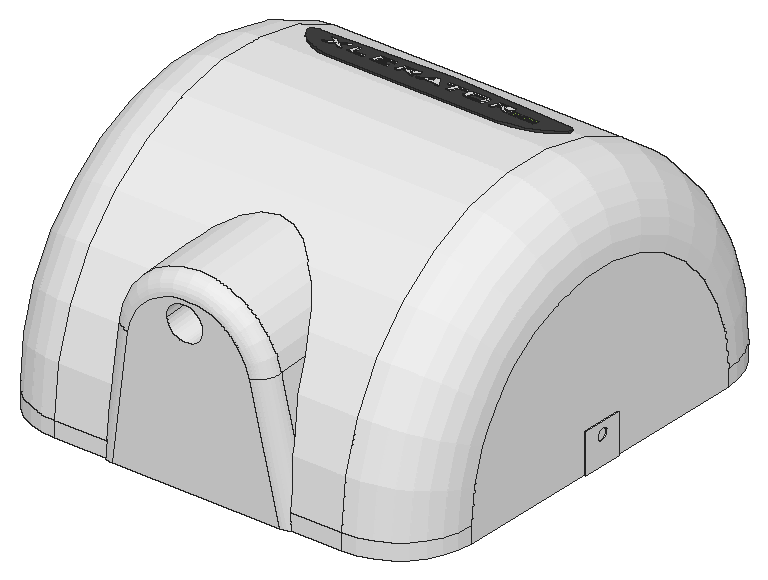
Revit family "Hand_Dryer-Excel_Dryer-XLERATOReco_Unit", category Specialty Equipment, host Face, Revit 2017
Family settings
  Host = Face
  Round Connector Dimension = Use Diameter
  Part Type = Normal
  OmniClass Number = 23.40.20.21.14
  OmniClass Title = Hand and Hair Dryers
  Cut with Voids When Loaded = No
  Shared = No
  Room Calculation Point = No
Parameters (values of type "Not a Type - Load Type Catalog")
  Version = "2017 - v1.0b"  # constant formula
  Mounting Note [instance] = "For correct placement, match Elevation to Mounting Height."  # constant formula
  Width = 0' - 11 15/16"  # constant formula
  Watts = 500 W
  Warranty URL = "https://www.exceldryer.com/wp-content/uploads/2019/12/Excel_Limited_Warranty_XL-ECO.pdf"
  Warranty Duration = "5 Years"  # constant formula
  Voltage = 120 V
  Void Depth = 6' - 7 15/16"
  Void = 0' - 0 1/16"
  URL = "http://www.exceldryer.com/index.php"
  Time Cycle = "Automatic"  # constant formula
  Teenagers Washroom Mounting Height [instance] = yes
  Run-Time Cycle = "Automatic"  # constant formula
  Product Weight = "17lbs"  # constant formula
  Product Page URL = "http://www.exceldryer.com/products_xlerator.php#xleratoreco"
  Product Name = "XLERATOReco Hand Dryer"  # constant formula
  Product Documentation Link = "http://www.exceldryer.com/pdfs/Eco2014TechSheet.pdf"
  Power Factor = 1
  Phase = 1
  Output at Outlet (LFM) = "16000"  # constant formula
  Number of Poles = 1
  Noise Reduction Nozzle Product Documentation Link [instance] = "http://www.exceldryer.com/products_xlerator.php#xlerator_accessories"
  Noise Reduction Nozzle [instance] = yes
  Mounting Height [instance] = if(Teenagers Washroom Mounting Height, 3' 5", if(Men's Washroom Mounting Height, 3' 9", if(Ladies Washroom Mounting Height, 3' 7", if(Handicapped Washroom Mounting Height, 3' 1", if(Children's Washroom Mounting Height, 2' 11", 3' 5")))))  # 3' - 5"
  Motor Note = "2-4.5 Amps"  # constant formula
  Model = "Wall Guard White"
  Men's Washroom Mounting Height [instance] = no
  Material = ""
  Manufacturer Phone Number = "800-255-9235"  # constant formula
  Manufacturer Fax Number = "1-413-525-2853"  # constant formula
  Manufacturer Email = "mailto:sales@exceldryer.com"
  Manufacturer Address = "357 Chestnut St. P. O. Box 365, East Longmeadow, MA 01028"  # constant formula
  Manufacturer = "Excel Dryer"  # constant formula
  Maintenance Schedule = "Once to Twice per Year"  # constant formula
  Ladies Washroom Mounting Height [instance] = no
  Keynote = "10 28 13"
  Installation URL = "http://www.exceldryer.com/pdfs/ExcelEcoToiletAccessories.pdf"
  Installation Phase = "Single"  # constant formula
  Impact Resistant Note = "UL 499"  # constant formula
  Height = 1' - 0 7/8"  # constant formula
  Handicapped Washroom Mounting Height [instance] = no
  HEPA Filter [instance] = yes
  Green Building LEED = "http://www.exceldryer.com/PressKit/Green.php"
  Frequency = 60 Hz
  Expected Lifespan = "15+ Years"  # constant formula
  Dry Time = "10-15 Seconds"  # constant formula
  Description = "XLERATOReco Hand Dryer"  # constant formula
  Depth = 0' - 6 7/8"  # constant formula
  Default Elevation = 3' - 5"
  Cover Material = "Thermoset BMC"
  Cost Savings Analysis = "http://www.exceldryer.com/calculator.php"
  Cost Information = "http://www.exceldryer.com/contact_us.php"
  Copyright = "© 2019 Excel Dryer. All Rights Reserved."  # constant formula
  Children's Washroom Mounting Height [instance] = no
  Cover Finish = Metal - Excel Dryer - Chrome - Polished
  Assembly Code = "C1030200"
  Apparent Load = 500 VA
  Amperage = 0 A
  ADA Compliance = "http://www.exceldryer.com/PDFs/XleratorRecessedKitSpec.pdf"
Reference planes (in)
  plane 1 "Center (Front/Back)": y = 0
  plane 2: z = 0
  plane 3 "Center (Left/Right)": x = 0
  plane 4 "Top": y = 6.4375
  plane 5 "Bottom": y = -6.4375
  plane 6 "Front": z = 6.875
  plane 7 "Back": z = 0
  plane 8: x = -5.96875
  plane 9: x = 5.96875
  plane 10: x = -6.03125
  plane 11: x = 6.03125
  plane 12: z = -3.06852
  plane 13: z = 79.9375
  plane 14: x = -0.03125
  plane 15: x = 0.03125
Forms (in)
  Extrusion 1, solid, material "Metal - Excel Dryer - Chrome - Polished" <- "Cover Finish", detail levels medium+fine
    sketch origin (0.35593, -51.13237, 0) x (0, 0, -1) y (0, 1, 0)
      loop
        line (0, 51.71049) -> (-1.09375, 51.71049) -> (-1.09375, 50.55424) -> (0, 50.55424) -> (0, 51.71049)
      loop
        circle (-0.78125, 51.13237) r 0.16406
    from 5.61282 to 5.67532
  Extrusion 2, solid, material "Metal - Excel Dryer - Chrome - Polished" <- "Cover Finish", detail levels medium+fine
    sketch origin (-0.35593, -51.13237, 0) x (0, 0, -1) y (0, -1, 0)
      loop
        line (0, -51.71049) -> (0, -50.55424) -> (-1.09375, -50.55424) -> (-1.09375, -51.71049) -> (0, -51.71049)
      loop
        circle (-0.78125, -51.13237) r 0.16406
    from 5.61282 to 5.67532
  Extrusion 3, solid, material "Metal - Excel Dryer - Chrome - Polished" <- "Cover Finish"
    sketch origin (0, 0, 0) x (0, 1, 0) y (0, 0, 1)
      loop
        line (-6.4375, 0.4375) -> (-6.4375, 0) -> (6.4375, 0) -> (6.4375, 0.4375)
        arc (6.4375, 0.4375) -> (0, 6.875) -> (-6.4375, 0.4375) r 6.4375
    from -5.96875 to 5.96875
  Extrusion 4, void
    sketch origin (0, 0, 80) x (1, 0, 0) y (0, 0, 1)
      loop
        line (-0.03125, -80) -> (-0.03125, -80.0625) -> (0.03125, -80.0625) -> (0.03125, -80) -> (-0.03125, -80)
    from -6.4375 to 6.4375
  Sweep 5, void
    path in 3D
      loop
        line (-5.96875, -6.4375, 0) -> (-5.96875, -6.4375, 0.4375)
        arc (-5.96875, -6.4375, 0.4375) -> (-5.96875, 0, 6.875) -> (-5.96875, 6.4375, 0.4375) r 6.4375
        line (-5.96875, 6.4375, 0.4375) -> (-5.96875, 6.4375, 0)
    profile origin (-5.96875, -6.4375, 0.21875) x (0, 1, 0) y (-1, 0, 0)
      loop
        line (0, 0) -> (0, -2)
        arc (0, -2) -> (0.58579, -0.58579) -> (2, 0) r 2
        line (2, 0) -> (0, 0)
      loop
        line (0, -11.9375) -> (2, -11.9375)
        arc (2, -11.9375) -> (0.58579, -11.35171) -> (0, -9.9375) r 2
        line (0, -9.9375) -> (0, -11.9375)
  Extrusion 6, solid, material "Metal - Excel Dryer - Chrome - Polished" <- "Cover Finish"
    sketch origin (0, 0.55286, -0.51363) x (1, 0, 0) y (0, -0.069756, 0.997564)
      loop
        line (2.82367, 1) -> (2.17517, 4.67784)
        arc (2.17517, 4.67784) -> (0, 6.50302) -> (-2.17517, 4.67784) r 2.20873
        line (-2.17517, 4.67784) -> (-2.82367, 1) -> (2.82367, 1)
      loop
        circle (-0.07102, 5.38601) r 0.5
    from 0 to 7
  Sweep 7, void
    path in 3D
      loop
        line (2.82367, -6.49985, -0.00436) -> (2.17517, -6.7564, 3.66452)
        arc (2.17517, -6.7564, 3.66452) -> (0, -6.88372, 5.48526) -> (-2.17517, -6.7564, 3.66452) r 2.20873
        line (-2.17517, -6.7564, 3.66452) -> (-2.82367, -6.49985, -0.00436)
    profile ".5" miter : Family1" origin (2.49942, -6.62812, 1.83008) x (-0.984808, 0.012113, -0.173225) y (0, -0.997564, -0.069756)
      loop
        line (0, 0) -> (0, -0.5)
        arc (0, -0.5) -> (0.14645, -0.14645) -> (0.5, 0) r 0.5
        line (0.5, 0) -> (0, 0)
  Extrusion 8, solid, material "Metallic - Paint - Excel Dryer - Flaked Satin - Black - Logo"
    sketch origin (0.04435, -52.11263, 10.34585) x (1, 0, 0) y (0, 0.969716, -0.244235)
      loop
        line (-2.41005, 52.33689) -> (2.32135, 52.33689)
        arc (2.32135, 52.33689) -> (3.04743, 52.62507) -> (3.55748, 53.21676) r 1.63801
        arc (3.55748, 53.21676) -> (3.55055, 53.40442) -> (3.39174, 53.50462) r 0.2012
        arc (3.39174, 53.50462) -> (-0.04435, 53.77107) -> (-3.48045, 53.50462) r 22.28875
        arc (-3.48045, 53.50462) -> (-3.63926, 53.40442) -> (-3.64618, 53.21676) r 0.2012
        arc (-3.64618, 53.21676) -> (-3.13614, 52.62507) -> (-2.41005, 52.33689) r 1.63801
    from 9.50784 to 9.57368
  Extrusion 9, solid, material "Bulk Molding Compound - Excel Dryer - Thermoset Resin - White"
    sketch origin (-0.1875, -1.70588, 0.5354) x (1, 0, 0) y (0, 0.969716, -0.244235)
      loop
        line (-2.67817, 2.04384) -> (-2.8097, 2.04384) -> (-2.60475, 1.8389) -> (-2.78153, 1.66212) -> (-2.65291, 1.66212) -> (-2.51493, 1.8001) -> (-2.37695, 1.66212) -> (-2.23798, 1.66212) -> (-2.4636, 1.85144) -> (-2.27119, 2.04384) -> (-2.39981, 2.04384) -> (-2.53899, 1.90466) -> (-2.67817, 2.04384)
      loop
        line (-2.10337, 2.04384) -> (-2.10337, 1.66212) -> (-1.66081, 1.66212) -> (-1.66081, 1.73959) -> (-1.99906, 1.73959) -> (-1.99906, 2.04384) -> (-2.10337, 2.04384)
      loop
        line (-1.45725, 2.04384) -> (-1.45725, 1.66212) -> (-1.00153, 1.66212) -> (-1.00153, 1.73959) -> (-1.3499, 1.73959) -> (-1.3499, 1.8141) -> (-1.15343, 1.8141) -> (-1.15343, 1.88196) -> (-1.3499, 1.88196) -> (-1.3499, 1.96384) -> (-1.00153, 1.96384) -> (-1.00153, 2.04384) -> (-1.45725, 2.04384)
      loop
        line (-0.78278, 2.04384) -> (-0.78278, 1.66212) -> (-0.68978, 1.66212) -> (-0.68978, 1.80125) -> (-0.59731, 1.80125) -> (-0.39252, 1.65786) -> (-0.27059, 1.65786) -> (-0.44148, 1.80125) -> (-0.34295, 1.80125)
        arc (-0.34295, 1.80125) -> (-0.3086, 1.81548) -> (-0.29437, 1.84984) r 0.04858
        line (-0.29437, 1.84984) -> (-0.29437, 1.99346)
        arc (-0.29437, 1.99346) -> (-0.30913, 2.02909) -> (-0.34475, 2.04384) r 0.05038
        line (-0.34475, 2.04384) -> (-0.78278, 2.04384)
      loop
        line (-0.39652, 1.96384) -> (-0.68978, 1.96384) -> (-0.68978, 1.866) -> (-0.39652, 1.866) -> (-0.39652, 1.96384)
      loop
        line (-0.18281, 1.65786) -> (-0.07154, 1.65786) -> (-0.02179, 1.72892) -> (0.26464, 1.72892) -> (0.33571, 1.65786) -> (0.45339, 1.65786) -> (0.16253, 2.04384) -> (0.08746, 2.04384) -> (-0.18281, 1.65786)
      loop
        line (0.04272, 1.82104) -> (0.20398, 1.82104) -> (0.12039, 1.93197) -> (0.04272, 1.82104)
      loop
        line (0.44913, 2.04384) -> (0.44913, 1.96384) -> (0.64358, 1.96384) -> (0.64358, 1.65786) -> (0.75599, 1.65786) -> (0.75599, 1.96384) -> (0.96258, 1.96384) -> (0.96258, 2.04384) -> (0.44913, 2.04384)
      loop
        line (1.17757, 1.96384) -> (1.17757, 1.72892) -> (1.52494, 1.72892) -> (1.52494, 1.96384) -> (1.17757, 1.96384)
      loop
        arc (1.16952, 2.04384) -> (1.09215, 2.01179) -> (1.0601, 1.93442) r 0.10943
        line (1.0601, 1.93442) -> (1.0601, 1.76426)
        arc (1.0601, 1.76426) -> (1.09126, 1.68902) -> (1.16649, 1.65786) r 0.1064
        line (1.16649, 1.65786) -> (1.55508, 1.65786)
        arc (1.55508, 1.65786) -> (1.60681, 1.67929) -> (1.62823, 1.73102) r 0.07316
        line (1.62823, 1.73102) -> (1.62823, 1.93678)
        arc (1.62823, 1.93678) -> (1.59688, 2.01249) -> (1.52118, 2.04384) r 0.10706
        line (1.52118, 2.04384) -> (1.16952, 2.04384)
      loop
        line (1.82797, 2.04384) -> (1.82797, 1.66212) -> (1.92097, 1.66212) -> (1.92097, 1.80125) -> (2.01343, 1.80125) -> (2.21822, 1.65786) -> (2.34015, 1.65786) -> (2.16926, 1.80125) -> (2.26779, 1.80125)
        arc (2.26779, 1.80125) -> (2.30214, 1.81548) -> (2.31637, 1.84984) r 0.04858
        line (2.31637, 1.84984) -> (2.31637, 1.99346)
        arc (2.31637, 1.99346) -> (2.30162, 2.02909) -> (2.26599, 2.04384) r 0.05038
        line (2.26599, 2.04384) -> (1.82797, 2.04384)
      loop
        line (2.21422, 1.96384) -> (1.92097, 1.96384) -> (1.92097, 1.866) -> (2.21422, 1.866) -> (2.21422, 1.96384)
    from 6.72073 to 6.78955
  Extrusion 10, solid, material "Metallic - Paint - Excel Dryer - Green - Eco Logo"
    sketch origin (2.0625, -3.35577, 0.91425) x (1, 0, 0) y (0, 0.969716, -0.244235)
      loop
        line (0.64002, 3.52419) -> (0.64002, 3.33829) -> (0.81623, 3.33829) -> (0.81623, 3.52419) -> (0.64002, 3.52419)
      loop
        line (0.68357, 3.48555) -> (0.68357, 3.39051) -> (0.76965, 3.39051) -> (0.76965, 3.48555) -> (0.68357, 3.48555)
      loop
        line (0.40565, 3.52419) -> (0.40565, 3.33829) -> (0.58186, 3.33829) -> (0.58186, 3.41565) -> (0.53527, 3.41565) -> (0.53527, 3.37879) -> (0.44919, 3.37879) -> (0.44919, 3.49336) -> (0.53527, 3.49336) -> (0.53527, 3.45738) -> (0.58186, 3.45738) -> (0.58186, 3.52419) -> (0.40565, 3.52419)
      loop
        line (0.15565, 3.52419) -> (0.15565, 3.33829) -> (0.33186, 3.33829) -> (0.33186, 3.37879) -> (0.19919, 3.37879) -> (0.19919, 3.41565) -> (0.33186, 3.41565) -> (0.33186, 3.52419) -> (0.15565, 3.52419)
      loop
        line (0.19919, 3.49336) -> (0.19919, 3.4545) -> (0.28527, 3.4545) -> (0.28527, 3.49336) -> (0.19919, 3.49336)
    from 6.74569 to 6.82514
Cuts and joins
  Extrusion 4 cuts Extrusion 1
  Extrusion 4 cuts Extrusion 2
  Sweep 5 cuts Extrusion 3
  Sweep 7 cuts Extrusion 6
Lines and regions (in)
  sketch lines
    curve 1: line (-5.96875, -6.4375, 0) -> (-5.96875, -6.4375, 0.4375)
    curve 2: arc (-5.96875, 6.4375, 0.4375) -> (-5.96875, 0, 6.875) -> (-5.96875, -6.4375, 0.4375) r 6.4375
    curve 3: line (-5.96875, 6.4375, 0.4375) -> (-5.96875, 6.4375, 0)
    curve 4: line (2.82367, -6.49985, -0.00436) -> (2.17517, -6.7564, 3.66452)
    curve 5: arc (-2.17517, -6.7564, 3.66452) -> (0, -6.88372, 5.48526) -> (2.17517, -6.7564, 3.66452) r 2.20873
    curve 6: line (-2.17517, -6.7564, 3.66452) -> (-2.82367, -6.49985, -0.00436)
Dimensions and locks (in)
  equal spacing: plane 5 "Bottom", plane 1 "Center (Front/Back)", plane 4 "Top"
  "Height": plane 5 "Bottom" to plane 4 "Top"
  equal spacing: plane 8, plane 3 "Center (Left/Right)", plane 9
  "Width": plane 8 to plane 9
  "Depth": plane 6 "Front" to plane 7 "Back"
  plane 2 to plane 7 "Back" = 0' - 0"
  locked: Extrusion 2 sketch curve to plane 7 "Back" at 1.09375
  Extrusion 2 sketch curve to plane 1 "Center (Front/Back)" to Extrusion 2 sketch curve = 0' - 0 37/64" locked, 0' - 0 37/64" locked
  locked: plane 1 "Center (Front/Back)" to Extrusion 2 sketch curve at 0
  locked: Extrusion 2 sketch curve to plane 7 "Back" at 0.78125
  locked: Extrusion 1 sketch curve to plane 7 "Back" at 1.09375
  Extrusion 1 sketch curve to plane 1 "Center (Front/Back)" to Extrusion 1 sketch curve = 0' - 0 37/64" locked, 0' - 0 37/64" locked
  locked: plane 1 "Center (Front/Back)" to Extrusion 1 sketch curve at 0
  locked: Extrusion 1 sketch curve to plane 7 "Back" at 0.78125
  Extrusion 3 sketch curve to plane 5 "Bottom" = 0' - 0"
  plane 4 "Top" to Extrusion 3 sketch curve = 0' - 0"
  plane 6 "Front" to Extrusion 3 sketch curve = 0' - 0"
  locked: plane 11 to plane 9 at 0.0625
  locked: plane 8 to plane 10 at 0.0625
  "Void Depth": plane 13 to plane 2
  equal spacing: plane 15, plane 3 "Center (Left/Right)", plane 14
  "Void": plane 15 to plane 14
  plane 12 to Extrusion 4 sketch curve to Extrusion 4 sketch curve to Extrusion 4 sketch curve = 0' - 3.00602" locked, 0' - 0 1/16" locked, 0' - 0" locked
  aligned and locked: plane 2 to host face
  aligned and locked: level to host face
  aligned and locked: plane 7 "Back" to Extrusion 2 sketch curve
  aligned and locked: Extrusion 1 sketch curve to plane 7 "Back"
  aligned and locked: Extrusion 1 to plane 9
  aligned and locked: plane 8 to Extrusion 2
  aligned and locked: Extrusion 3 sketch curve to plane 7 "Back"
  aligned and locked: plane 9 to Extrusion 3
  aligned and locked: Extrusion 3 to plane 8
  aligned and locked: Extrusion 2 to plane 10
  aligned and locked: Extrusion 1 to plane 11
  aligned and locked: plane 15 to Extrusion 4 sketch curve
  aligned and locked: Extrusion 4 sketch curve to plane 14
  aligned and locked: plane 4 "Top" to Extrusion 4
  aligned and locked: plane 5 "Bottom" to Extrusion 4
Automatic sketch dimensions
  host sketch curve to host sketch curve = 8' - 0"  (x2)
  profile plane to Sweep 5 sketch curve = 0' - 0"  (x2)
  Sweep 5 sketch curve to profile plane = 0' - 0"
  Sweep 5 sketch curve to profile plane = 0' - 2"  (x2)
  Sweep 5 sketch curve to Sweep 5 sketch curve = 0' - 7 15/16"
  Extrusion 6 sketch curve to plane 3 "Center (Left/Right)" = 0' - 0"
  Extrusion 6 sketch curve to plane 3 "Center (Left/Right)" = 0' - 0.07102"
  Extrusion 6 sketch curve to plane 3 "Center (Left/Right)" = 0' - 2.17517"
  Extrusion 6 sketch curve to plane 3 "Center (Left/Right)" = 0' - 2.82367"
  plane 3 "Center (Left/Right)" to Extrusion 6 sketch curve = 0' - 2.17517"
  plane 3 "Center (Left/Right)" to Extrusion 6 sketch curve = 0' - 2.82367"
  Extrusion 6 sketch curve to Extrusion 6 sketch curve = 0' - 3.2943"
  Extrusion 6 sketch curve to Extrusion 6 sketch curve = 0' - 0.38354"
  Extrusion 6 sketch curve to Extrusion 6 sketch curve = 0' - 1.09172"
  Extrusion 8 sketch curve to plane 3 "Center (Left/Right)" = 0' - 0"
  Extrusion 8 sketch curve to plane 3 "Center (Left/Right)" = 0' - 2.14192"
  Extrusion 8 sketch curve to Extrusion 8 sketch curve = 0' - 0.22378"  (x2)
  Extrusion 8 sketch curve to Extrusion 8 sketch curve = 0' - 1.05484"  (x2)
  plane 3 "Center (Left/Right)" to Extrusion 8 sketch curve = 0' - 2.14192"
  Extrusion 8 sketch curve to Extrusion 8 sketch curve = 1' - 8.85457"
  Extrusion 8 sketch curve to Extrusion 8 sketch curve = 0' - 0.96713"  (x2)
  Extrusion 8 sketch curve to Extrusion 8 sketch curve = 0' - 0.65552"  (x2)
  Extrusion 8 sketch curve to Extrusion 8 sketch curve = 0' - 0.01556"  (x2)
  Extrusion 8 sketch curve to Extrusion 8 sketch curve = 0' - 0.18129"
  plane 8 to Extrusion 9 sketch curve = 0' - 2.97155"
  Extrusion 9 sketch curve to Extrusion 9 sketch curve = 0' - 0.02817"
  Extrusion 9 sketch curve to Extrusion 9 sketch curve = 0' - 0.13153"
  Extrusion 9 sketch curve to Extrusion 9 sketch curve = 0' - 0.12862"  (x2)
  Extrusion 9 sketch curve to Extrusion 9 sketch curve = 0' - 0.04816"
  Extrusion 9 sketch curve to Extrusion 9 sketch curve = 0' - 0.06576"
  Extrusion 9 sketch curve to Extrusion 9 sketch curve = 0' - 0.08982"
  Extrusion 9 sketch curve to Extrusion 9 sketch curve = 0' - 0.05134"  (x2)
  Extrusion 9 sketch curve to Extrusion 9 sketch curve = 0' - 0.13918"
  Extrusion 9 sketch curve to Extrusion 9 sketch curve = 0' - 0.13798"
  Extrusion 9 sketch curve to Extrusion 9 sketch curve = 0' - 0.13898"
  Extrusion 9 sketch curve to Extrusion 9 sketch curve = 0' - 0.16782"
  Extrusion 9 sketch curve to Extrusion 9 sketch curve = 0' - 0.10431"
  Extrusion 9 sketch curve to Extrusion 9 sketch curve = 0' - 0.33825"
  Extrusion 9 sketch curve to Extrusion 9 sketch curve = 0' - 0.20356"
  Extrusion 9 sketch curve to Extrusion 9 sketch curve = 0' - 0.10735"  (x2)
  Extrusion 9 sketch curve to Extrusion 9 sketch curve = 0' - 0.19647"
  Extrusion 9 sketch curve to Extrusion 9 sketch curve = 0' - 0.1519"  (x2)
  Extrusion 9 sketch curve to Extrusion 9 sketch curve = 0' - 0 7/32"
  Extrusion 9 sketch curve to Extrusion 9 sketch curve = 0' - 0.093"  (x3)
  Extrusion 9 sketch curve to Extrusion 9 sketch curve = 0' - 0.09247"  (x2)
  Extrusion 9 sketch curve to Extrusion 9 sketch curve = 0' - 0.15582"  (x2)
  Extrusion 9 sketch curve to Extrusion 9 sketch curve = 0' - 0.04496"  (x2)
  Extrusion 9 sketch curve to Extrusion 9 sketch curve = 0' - 0.04896"  (x2)
  Extrusion 9 sketch curve to Extrusion 9 sketch curve = 0' - 0.05177"  (x2)
  Extrusion 9 sketch curve to Extrusion 9 sketch curve = 0' - 0.05357"  (x2)
  Extrusion 9 sketch curve to Extrusion 9 sketch curve = 0' - 0.04858"
  Extrusion 9 sketch curve to Extrusion 9 sketch curve = 0' - 0.12193"  (x2)
  Extrusion 9 sketch curve to Extrusion 9 sketch curve = 0' - 0.08779"
  Extrusion 9 sketch curve to Extrusion 9 sketch curve = 0' - 0.11127"
  Extrusion 9 sketch curve to Extrusion 9 sketch curve = 0' - 0.04976"
  Extrusion 9 sketch curve to Extrusion 9 sketch curve = 0' - 0.0645"
  Extrusion 9 sketch curve to plane 3 "Center (Left/Right)" = 0' - 0.10004"
  Extrusion 9 sketch curve to plane 3 "Center (Left/Right)" = 0' - 0.06711"
  Extrusion 9 sketch curve to plane 3 "Center (Left/Right)" = 0' - 0.02497"
  plane 3 "Center (Left/Right)" to Extrusion 9 sketch curve = 0' - 0.01648"
  plane 3 "Center (Left/Right)" to Extrusion 9 sketch curve = 0' - 0.07714"
  Extrusion 9 sketch curve to Extrusion 9 sketch curve = 0' - 0.07106"  (x2)
  plane 3 "Center (Left/Right)" to Extrusion 9 sketch curve = 0' - 0.26163"
  Extrusion 9 sketch curve to Extrusion 9 sketch curve = 0' - 0.11768"
  Extrusion 9 sketch curve to Extrusion 9 sketch curve = 0' - 0.19019"
  Extrusion 9 sketch curve to Extrusion 9 sketch curve = 0' - 0.11241"
  Extrusion 9 sketch curve to Extrusion 9 sketch curve = 0' - 0.2066"
  Extrusion 9 sketch curve to Extrusion 9 sketch curve = 0' - 0.09751"
  Extrusion 9 sketch curve to Extrusion 9 sketch curve = 0' - 0.1064"
  Extrusion 9 sketch curve to Extrusion 9 sketch curve = 0' - 0.10943"
  Extrusion 9 sketch curve to Extrusion 9 sketch curve = 0' - 0.00805"
  Extrusion 9 sketch curve to Extrusion 9 sketch curve = 0' - 0.35166"
  Extrusion 9 sketch curve to Extrusion 9 sketch curve = 0' - 0.00376"
  Extrusion 9 sketch curve to Extrusion 9 sketch curve = 0' - 0.03014"
  Extrusion 9 sketch curve to Extrusion 9 sketch curve = 0' - 0.1033"
  Extrusion 9 sketch curve to Extrusion 9 sketch curve = 0' - 0.19973"
  Extrusion 9 sketch curve to Extrusion 9 sketch curve = 0' - 0"  (x9)
  Extrusion 9 sketch curve to Extrusion 9 sketch curve = 0' - 0.05038"
  Extrusion 9 sketch curve to Extrusion 9 sketch curve = 0' - 0.07316"
  Extrusion 9 sketch curve to Extrusion 9 sketch curve = 0' - 0.00426"  (x3)
  Extrusion 9 sketch curve to Extrusion 9 sketch curve = 0' - 0.03534"
  Extrusion 9 sketch curve to Extrusion 9 sketch curve = 0' - 0.07747"  (x2)
  Extrusion 9 sketch curve to Extrusion 9 sketch curve = 0' - 0.13913"  (x2)
  Extrusion 9 sketch curve to Extrusion 9 sketch curve = 0' - 0.14339"  (x2)
  Extrusion 9 sketch curve to Extrusion 9 sketch curve = 0' - 0.07451"
  Extrusion 9 sketch curve to Extrusion 9 sketch curve = 0' - 0.09212"
  Extrusion 9 sketch curve to Extrusion 9 sketch curve = 0' - 0.0388"
  Extrusion 9 sketch curve to Extrusion 9 sketch curve = 0' - 0.06475"  (x2)
  Extrusion 9 sketch curve to Extrusion 9 sketch curve = 0' - 0.06785"
  Extrusion 9 sketch curve to Extrusion 9 sketch curve = 0' - 0.05322"
  Extrusion 9 sketch curve to Extrusion 9 sketch curve = 0' - 0.11093"
  Extrusion 9 sketch curve to Extrusion 9 sketch curve = 0' - 0.17016"
  Extrusion 9 sketch curve to Extrusion 9 sketch curve = 0' - 0.02942"  (x2)
  Extrusion 9 sketch curve to Extrusion 9 sketch curve = 0' - 0.09784"  (x2)
  Extrusion 9 sketch curve to Extrusion 9 sketch curve = 0' - 0.14279"
  Extrusion 9 sketch curve to Extrusion 9 sketch curve = 0' - 0.08188"
  Extrusion 9 sketch curve to Extrusion 9 sketch curve = 0' - 0.02963"  (x2)
  Extrusion 9 sketch curve to Extrusion 9 sketch curve = 0' - 0.08001"  (x2)
  Extrusion 9 sketch curve to Extrusion 9 sketch curve = 0' - 0.11187"
  plane 3 "Center (Left/Right)" to Extrusion 10 sketch curve = 0' - 2.21815"
  Extrusion 10 sketch curve to Extrusion 10 sketch curve = 0' - 0.04355"  (x4)
  Extrusion 10 sketch curve to Extrusion 10 sketch curve = 0' - 0.08608"  (x3)
  Extrusion 10 sketch curve to Extrusion 10 sketch curve = 0' - 0.04659"  (x3)
  Extrusion 10 sketch curve to Extrusion 10 sketch curve = 0' - 0"  (x5)
  Extrusion 10 sketch curve to Extrusion 10 sketch curve = 0' - 0.07379"
  Extrusion 10 sketch curve to Extrusion 10 sketch curve = 0' - 0.05816"
  Extrusion 10 sketch curve to Extrusion 10 sketch curve = 0' - 0.0405"  (x2)
  Extrusion 10 sketch curve to Extrusion 10 sketch curve = 0' - 0.05222"
  Extrusion 10 sketch curve to Extrusion 10 sketch curve = 0' - 0.03686"  (x2)
  Extrusion 10 sketch curve to Extrusion 10 sketch curve = 0' - 0.03885"  (x2)
  Extrusion 10 sketch curve to Extrusion 10 sketch curve = 0' - 0.04173"
  Extrusion 10 sketch curve to Extrusion 10 sketch curve = 0' - 0.09504"
  Extrusion 10 sketch curve to Extrusion 10 sketch curve = 0' - 0.03598"
  Extrusion 10 sketch curve to Extrusion 10 sketch curve = 0' - 0.03083"  (x2)
  Extrusion 10 sketch curve to Extrusion 10 sketch curve = 0' - 0.03864"
  radius of Extrusion 1 sketch curve = 0' - 0 21/128"
  radius of Extrusion 2 sketch curve = 0' - 0 21/128"
  radius of Extrusion 6 sketch curve = 0' - 0 1/2"
Types in the file's own list only (4): name | Voltage | Model | Frequency | Cover Material | Cover Finish | Amperage
  XL-BW-ECO-ECO-120V | 120 V | "XL-BW-ECO" | 60 Hz | "Thermoset Resin" | Bulk Molding Compound - Excel Dryer - Thermoset Resin - White | 13 A
  XL-BW-ECO-ECO-208V | 208 V | "XL-BW-ECO" | 60 Hz | "Thermoset Resin" | Bulk Molding Compound - Excel Dryer - Thermoset Resin - White | 7 A
  XL-BW-ECO-ECO-240V | 240 V | "XL-BW-ECO" | 60 Hz | "Thermoset Resin" | Bulk Molding Compound - Excel Dryer - Thermoset Resin - White | 7 A
  XL-BW-ECO-ECO-230V | 230 V | "XL-BW-ECO" | 50 Hz | "Thermoset Resin" | Bulk Molding Compound - Excel Dryer - Thermoset Resin - White | 7 A
